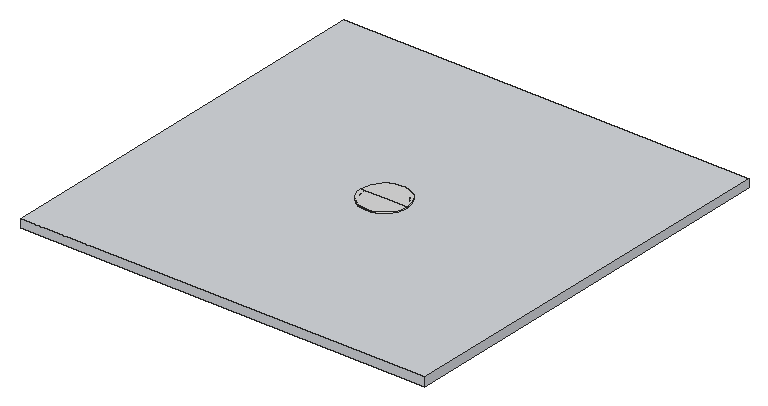
Revit family "Loudspeaker-Ceiling Mounted-Q-SYS-AD-C4T-LPZB-Low Profile", category Communication Devices, host Face, Revit 2021
Family settings
  Host = Face
  Maintain Annotation Orientation = No
  Round Connector Dimension = Use Diameter
  Part Type = Normal
  OmniClass Number = 23.85.10.11.14.14.14
  OmniClass Title = Loudspeakers
  Cut with Voids When Loaded = No
  Shared = No
  Room Calculation Point = No
Parameters (values of type "White")
  Weight = 6.60 lbm
  Part Number = "AD-C4T-LPZB"
  OmniClass Number = "23.85.10.11.14.14.14"
  Length 15 = 5.75"
  Length 11 = 0.57501"
  Length 10 = Length 7 * cos(Taper Angle)  # 0.99863"
  Length 9 = 0.59495"
  Length 8 = 0.76842"
  Length 7 = 1.00"
  Width = Grille Diameter  # 11.03"
  Weight Product = 6.6
  Weight Dimensional = 22.5
  Visibility 3 [instance] = Adjustable Tile Bridge  # no
  Visibility 2 [instance] = 1 > 0  # yes
  URL = "https://www.qsys.com"
  Type Comments = "White"
  Taper Angle = 3.00°
  Sustainability Rating = "n/a"
  Support Width = 25.30"
  Support Offset [instance] = 3.00"
  Support Material = Metal - Q-SYS - Steel
  Support Length = 25.57"
  Support Height [instance] = 1.26"  # constant formula
  Speaker Offset Label [instance] = Speaker Offset  # 0.00"
  Speaker Offset [instance] = 0.00"
  Sensitivity = 87
  SPL Max = 102
  Round Grille [instance] = 1 > 0  # yes
  Regulatory Compliance = "UL1480, UL2043, NFPA90, NFPA70 suitable for use in air handling spaces. Transformer UL registered per UL1876, ROHS, CE compliant. Baffle meets UL94-V0 and UL94-5 VB flamibility rating; in accordance with IEC60849 / EN60849 systems."
  Rail Width = 0.875"
  Product Page URL = "https://www.qsys.com/products/loudspeakers/installed/passive/ceiling-mount/acousticdesign-series/ad-c4t-lpzb/"
  Product Documentation Link = "https://www.qsys.com/resource-files/productresources/spk/ad/ad-c4t-lpzb/q_spk_ad_c4t_lpzb_specsheet.pdf"
  Number of Bands = 1  # constant formula
  Model = "AD-C4T-LPZB"
  Manufacturer URL = "https://www.qsys.com"
  Length 6 [instance] = Support Height  # 1.26"
  Impedance = 16
  IQ Category = "Loudspeaker"
  Height [instance] = Grille Height + Body Height + Clip Height  # 4.20"
  Grille Radius = Grille Diameter / 2  # 5.515"
  Offset = 0.00"
  Manufacturer = "Q-SYS"
  Length 4 = ATB Inside Radius + 0.80"  # 5.80"
  Length 3 [instance] = if(Speaker Offset < 0.00", 40.00" - abs(Speaker Offset Label), 40.00" + Speaker Offset Label)  # 40.00"
  Length 2 = Body Radius * 1.35  # 6.43275"
  Length 1 = Body Diameter / 2 - 0.25"  # 4.515"
  Highlight Material = Fabric - Q-SYS - White Mesh
  Grille Height = 0.20"
  Grille Diameter = 11.03"
  Frequency Range = "70 Hz - 20 kHz"
  Description = "4.5” small format, low profile, zero bezel ceiling mount loudspeaker."
  Default Elevation = 48.00"
  Coverage Vertical = 150.00°
  Coverage Horizontal = 150.00°
  Cover Radius = Grille Radius  # 5.515"
  Cover Material = Paint - Q-SYS - White
  Clip Radius = Clip Diameter / 2  # 0.15"
  Clip Height = 0.40"
  Clip Diameter = 0.30"
  Body Radius = Body Diameter / 2  # 4.765"
  Body Material = Paint - Q-SYS - Black
  Body Height = 3.60"
  Body Diameter = 9.53"
  Assembly Code = "E1020500"
  Adjustable Tile Bridge [instance] = no
  ATB Inside Radius = ATB Inside Diameter / 2  # 5.00"
  ATB Inside Diameter = 10.00"
  70V Taps = "3.75 W, 7.5 W, 15 W, 30 W"
  100V Taps = "7.5 W, 15 W, 30 W"
Reference planes (in)
  plane 1 "Center (Front/Back)": y = 0
  plane 2: z = 0
  plane 3 "Center (Left/Right)": x = 0
  plane 4 "Left": x = -5.515
  plane 5 "Right": x = 5.515
  plane 6 "Front": y = -5.515
  plane 7 "Back": y = 5.515
  plane 8 "Bottom": z = 0.2
  plane 9 "Top": z = -4
  plane 10 "body left": x = -4.765
  plane 11 "body right": x = 4.765
  plane 12 "body front": y = -4.765
  plane 13 "body back": y = 4.765
  plane 14 "plate top": z = 0
  plane 15 "body top": z = -3.6
  plane 16: z = -0.75
  plane 17 "Speaker CL": x = 0
  plane 18 "pivot": x = -40
  plane 19 "support bottom": z = -3
  plane 20 "support top": z = -4.26
  plane 21 "support back": y = 12.65
  plane 22 "support back inside": y = 11.775
  plane 23 "support front": y = -12.65
  plane 24 "support front inside": y = -11.775
  plane 25 "support left": x = -12.785
  plane 26 "support right": x = 12.785
  plane 27: z = -3.1
  plane 28: x = 0
  plane 29 "2d bottom": z = 0.1
  plane 30: z = -3.2
Forms (in)
  Extrusion 1, solid
    sketch origin (0, 0, 0) x (1, 0, 0) y (0, 1, 0)
      loop
        line (-48, 48) -> (-48, -48) -> (48, -48) -> (48, 48) -> (-48, 48)
    from 0 to -2
  Revolve 2, solid, material "Paint - Q-SYS - Black" <- "Body Material", visible <- "Visibility 2", detail levels medium+fine
    sketch origin (0, 0, 0) x (1, 0, 0) y (0, 0, 1)
      loop
        line (0, -3.6) -> (0, 0) -> (-4.765, 0) -> (-4.765, -3.6) -> (0, -3.6)
      axis (0, 0) -> (0, -3.6)
    angle from 0 to 360
  Extrusion 3, solid, material "Paint - Q-SYS - Black" <- "Body Material", visible <- "Visibility 2", detail levels fine
    sketch origin (0, 0, 0) x (1, 0, 0) y (0, 0, 1)
      loop
        arc (-0.15, -3.85) -> (0, -4) -> (0.15, -3.85) r 0.15
        line (0.15, -3.85) -> (0.15, -3.6) -> (-0.15, -3.6) -> (-0.15, -3.85)
    from -3.65882 to -3.775
  Extrusion 4, void
    sketch origin (0, 0, 0) x (1, 0, 0) y (0, 1, 0)
      loop
        line (-6.43275, 3.775) -> (0, -7.36685) -> (6.43275, 3.775) -> (-6.43275, 3.775)
      loop
        circle (0, 0) r 9.53
    from -3.6 to 0
  Extrusion 5, solid, material "Metal - Q-SYS - Steel" <- "Support Material", visible <- "Adjustable Tile Bridge", detail levels medium+fine
    sketch origin (0, 0, 0) x (0, 1, 0) y (0, 0, 1)
      loop
        line (-12.65, -3) -> (-12.65, -4.26) -> (-12.55, -4.26) -> (-12.55, -3.1) -> (-11.775, -3.1) -> (-11.775, -3) -> (-12.65, -3)
      loop
        line (12.65, -3) -> (11.775, -3) -> (11.775, -3.1) -> (12.55, -3.1) -> (12.55, -4.26) -> (12.65, -4.26) -> (12.65, -3)
    from -12.785 to 12.785
  Extrusion 6, solid, material "Metal - Q-SYS - Steel" <- "Support Material", visible <- "Adjustable Tile Bridge", detail levels medium+fine
    sketch origin (0, 0, -3) x (0, 1, 0) y (-1, 0, 0)
      loop
        circle (0, 0) r 5
      loop
        arc (5.71314, 1) -> (0, 5.8) -> (-5.71314, 1) r 5.8
        line (-5.71314, 1) -> (-12.55, 1) -> (-12.55, -1) -> (-5.71314, -1)
        arc (-5.71314, -1) -> (0, -5.8) -> (5.71314, -1) r 5.8
        line (5.71314, -1) -> (12.55, -1) -> (12.55, 1) -> (5.71314, 1)
    from -0.2 to -0.1
  Extrusion 7, solid, material "Metal - Q-SYS - Steel" <- "Support Material", visible <- "Adjustable Tile Bridge", detail levels fine
    sketch origin (0, 0, -3) x (0, 1, 0) y (-1, 0, 0)
      loop
        line (12.55, 1) -> (12.45, 1) -> (12.45, -1) -> (12.55, -1) -> (12.55, 1)
      loop
        line (-12.45, 1) -> (-12.55, 1) -> (-12.55, -1) -> (-12.45, -1) -> (-12.45, 1)
    from -1.26 to -0.2
  Extrusion 8, void
    sketch origin (0, 0, -3) x (0, 1, 0) y (-1, 0, 0)
      loop
        circle (0, 0) r 4.765
    from -1 to 3.2
  Revolve 9, solid, material "Paint - Q-SYS - White" <- "Cover Material", visible <- "Round Grille", detail levels medium+fine
    sketch origin (0, 0, 0) x (1, 0, 0) y (0, 0, 1)
      loop
        line (0, 0.2) -> (-5.515, 0.2) -> (-5.515, 0) -> (0, 0) -> (0, 0.2)
      axis (0, 0.2) -> (0, 0)
    angle from 0 to 360
  Revolve 10, solid, detail levels coarse
    sketch origin (0, 0, 0) x (1, 0, 0) y (0, 0, 1)
      loop
        line (-5.515, 0.2) -> (-5.515, 0) -> (-4.765, 0) -> (-4.765, -4) -> (0, -4) -> (0, 0.2) -> (-5.515, 0.2)
      axis (0, 0.2) -> (0, -4)
    angle from 0 to 360
Cuts and joins
  Extrusion 4 cuts Revolve 2
Lines and regions (in)
  Masking region 1, visible <- "Round Grille", detail levels medium+fine
    outline origin (0, 0, 0.1) x (-1, 0, 0) y (0, -1, 0)
      loop
        circle (0, 0) r 5.515
  Masking region 2, visible <- "Adjustable Tile Bridge", detail levels medium+fine
    outline origin (0, 0, -4.26) x (0, 1, 0) y (-1, 0, 0)
      loop
        arc (5.71314, 1) -> (0, 5.8) -> (-5.71314, 1) r 5.8
        line (-5.71314, 1) -> (-12.55, 1) -> (-12.55, -1) -> (-5.71314, -1)
        arc (-5.71314, -1) -> (0, -5.8) -> (5.71314, -1) r 5.8
        line (5.71314, -1) -> (12.55, -1) -> (12.55, 1) -> (5.71314, 1)
      loop
        circle (0, 0) r 5
  Masking region 3, detail levels medium+fine
    outline origin (0, 0, -3.6) x (-1, 0, 0) y (0, -1, 0)
      loop
        circle (0, 0) r 4.765
  Masking region 4, visible <- "Adjustable Tile Bridge", detail levels medium+fine
    outline origin (0, 0, -3) x (0, 1, 0) y (-1, 0, 0)
      loop
        line (12.65, 12.785) -> (11.775, 12.785) -> (11.775, -12.785) -> (12.65, -12.785) -> (12.65, 12.785)
      loop
        line (-11.775, 12.785) -> (-12.65, 12.785) -> (-12.65, -12.785) -> (-11.775, -12.785) -> (-11.775, 12.785)
  Masking region 5
    outline origin (0, 0, 0) x (1, 0, 0) y (0, 0, 1)
      loop
        line (-5.515, 0.2) -> (-5.515, 0) -> (-4.765, 0) -> (-4.765, -3.6) -> (4.765, -3.6) -> (4.765, 0) -> (5.515, 0) -> (5.515, 0.2) -> (-5.515, 0.2)
  Masking region 6, visible <- "Visibility 2", detail levels fine
    outline origin (0, 0, 0) x (1, 0, 0) y (0, 0, 1)
      loop
        line (0.15, -3.85) -> (0.15, -3.6) -> (-0.15, -3.6) -> (-0.15, -3.85)
        arc (-0.15, -3.85) -> (0, -4) -> (0.15, -3.85) r 0.15
  Masking region 7, visible <- "Visibility 3", detail levels medium+fine
    outline origin (0, 0, 0) x (1, 0, 0) y (0, 0, 1)
      loop
        line (-12.785, -3) -> (-12.785, -4.26) -> (12.785, -4.26) -> (12.785, -3) -> (-12.785, -3)
  Masking region 8
    outline origin (0, 0, 0) x (0, 1, 0) y (0, 0, 1)
      loop
        line (5.515, 0.2) -> (-5.515, 0.2) -> (-5.515, 0) -> (-4.765, 0) -> (-4.765, -3.6) -> (3.775, -3.6) -> (3.775, 0) -> (5.515, 0) -> (5.515, 0.2)
  Masking region 9, visible <- "Adjustable Tile Bridge", detail levels medium+fine
    outline origin (0, 0, 0) x (0, 1, 0) y (0, 0, 1)
      loop
        line (12.65, -3) -> (11.775, -3) -> (11.775, -3.1) -> (-11.775, -3.1) -> (-11.775, -3) -> (-12.65, -3) -> (-12.65, -4.26) -> (-12.45, -4.26) -> (-12.45, -3.2) -> (12.45, -3.2) -> (12.45, -4.26) -> (12.65, -4.26) -> (12.65, -3)
  Masking region 10, visible <- "Visibility 2", detail levels fine
    outline origin (0, 0, 0) x (0, 1, 0) y (0, 0, 1)
      loop
        line (3.65882, -3.6) -> (3.65882, -4) -> (3.775, -4) -> (3.775, -3.6) -> (3.65882, -3.6)
  symbolic lines, style "Outline", visible <- "Round Grille", detail levels medium+fine
    curve 1: circle (0, 0, 0.2) r 5.515 normal (0, 0, 1)
  symbolic lines, style "Support", visible <- "Adjustable Tile Bridge", detail levels medium+fine
    curve 2: line (-12.785, -12.55, -3.6) -> (12.785, -12.55, -3.6)
    curve 3: line (-12.785, 12.55, -3.6) -> (12.785, 12.55, -3.6)
    curve 10: line (-12.785, 0, -3.1) -> (12.785, 0, -3.1)
    curve 13: line (0, 11.775, -3.1) -> (0, 12.55, -3.1)
    curve 14: line (0, 12.55, -3.1) -> (0, 12.55, -4.26)
    curve 15: line (0, -12.55, -4.26) -> (0, -12.55, -3.1)
    curve 16: line (0, -12.55, -3.1) -> (0, -11.775, -3.1)
  symbolic lines, style "Support", visible <- "Adjustable Tile Bridge", detail levels fine
    curve 4: line (-1, 12.45, -3.6) -> (1, 12.45, -3.6)
    curve 5: line (-1, -12.45, -3.6) -> (1, -12.45, -3.6)
  symbolic lines, style "Detail", visible <- "Visibility 2", detail levels fine
    curve 6: line (0.15, 3.775, -4) -> (0.15, 3.65882, -4)
    curve 7: line (0.15, 3.65882, -4) -> (-0.15, 3.65882, -4)
    curve 8: line (-0.15, 3.65882, -4) -> (-0.15, 3.775, -4)
    curve 9: line (-0.15, 3.775, -4) -> (0.15, 3.775, -4)
  symbolic lines, style "Support", visible <- "Adjustable Tile Bridge"
    curve 11: line (0, 5.71314, -3.1) -> (0, 5.71314, -3.2)
    curve 12: line (0, -5.71314, -3.2) -> (0, -5.71314, -3.1)
    curve 22: line (0, 5.815, -3.1) -> (0, 5.815, -3.2)
    curve 23: line (0, -5.815, -3.2) -> (0, -5.815, -3.1)
  symbolic lines, style "Outline", detail levels medium+fine
    curve 17: line (-1.67852, -4.765, 0) -> (-1.67852, -4.765, -3.6)
    curve 18: line (1.67852, -4.765, -3.6) -> (1.67852, -4.765, 0)
    curve 19: line (-2.90768, 4.765, 0) -> (-2.90768, 4.765, -3.6)
    curve 20: line (2.90768, 4.765, -3.6) -> (2.90768, 4.765, 0)
    curve 21: line (0, -4.45958, 0) -> (0, -4.45958, -3.6)
    curve 26: line (-2.90768, 3.775, -4) -> (2.90768, 3.775, -4)
    curve 27: line (-1.67852, -4.45958, -4) -> (-4.70136, 0.77615, -4)
    curve 28: line (4.70136, 0.77615, -4) -> (1.67852, -4.45958, -4)
    curve 29: line (0, 0.77615, 0) -> (0, 0.77615, -3.6)
  symbolic lines, style "Outline"
    curve 24: line (-4.765, 0, 0) -> (4.765, 0, 0)
    curve 25: line (0, 3.775, 0) -> (0, -4.765, 0)
Dimensions and locks (in)
  equal spacing: plane 4 "Left", plane 17 "Speaker CL", plane 5 "Right"
  "Width": plane 4 "Left" to plane 5 "Right"
  equal spacing: plane 7 "Back", plane 1 "Center (Front/Back)", plane 6 "Front"
  "Width": plane 7 "Back" to plane 6 "Front"
  "Height": plane 8 "Bottom" to plane 9 "Top"
  equal spacing: plane 10 "body left", plane 17 "Speaker CL", plane 11 "body right"
  "Body Diameter": plane 10 "body left" to plane 11 "body right"
  equal spacing: plane 13 "body back", plane 1 "Center (Front/Back)", plane 12 "body front"
  "Body Diameter": plane 13 "body back" to plane 12 "body front"
  "Grille Height": plane 8 "Bottom" to plane 14 "plate top"
  "Body Height": plane 14 "plate top" to plane 15 "body top"
  "Clip Radius": Extrusion 3 sketch curve to plane 9 "Top"
  locked: plane 14 "plate top" to plane 16 at 0.75
  "Offset": plane 14 "plate top" to level
  locked: plane 18 "pivot" to plane 3 "Center (Left/Right)" at 40
  "Length 3": plane 18 "pivot" to plane 17 "Speaker CL"
  "Rail Width": plane 21 "support back" to plane 22 "support back inside"
  "Rail Width": plane 23 "support front" to plane 24 "support front inside"
  equal spacing: plane 21 "support back", plane 1 "Center (Front/Back)", plane 23 "support front"
  "Support Width": plane 21 "support back" to plane 23 "support front"
  equal spacing: plane 25 "support left", plane 3 "Center (Left/Right)", plane 26 "support right"
  "Support Length": plane 25 "support left" to plane 26 "support right"
  "Support Height": plane 19 "support bottom" to plane 20 "support top"
  equal spacing: Extrusion 6 sketch curve, plane 17 "Speaker CL", Extrusion 6 sketch curve
  locked: Extrusion 6 sketch curve to plane 17 "Speaker CL" at 1
  locked: Extrusion 7 sketch curve to Extrusion 7 sketch curve at 0.1  (x2)
  locked: Extrusion 7 sketch curve to plane 17 "Speaker CL" at 1
  plane 17 "Speaker CL" to Extrusion 7 sketch curve = 1.00"
  locked: plane 17 "Speaker CL" to Extrusion 7 sketch curve at 1
  "Support Offset": plane 14 "plate top" to plane 19 "support bottom"
  locked: plane 19 "support bottom" to plane 27 at 0.1
  "Cover Radius": Revolve 9 sketch curve to Revolve 9 sketch curve
  locked: plane 8 "Bottom" to plane 29 "2d bottom" at 0.1
  locked: curve 3 to plane 21 "support back" at 0.1
  locked: plane 23 "support front" to curve 2 at 0.1
  locked: curve 4 to Masking region 2 at 0.1
  locked: Masking region 2 to curve 5 at 0.1
  "Cover Radius": plane 17 "Speaker CL" to Masking region 5 sketch curve
  "Cover Radius": Masking region 5 sketch curve to plane 17 "Speaker CL"
  "Length 6": Masking region 7 sketch curve to Masking region 7 sketch curve
  "Cover Radius": plane 1 "Center (Front/Back)" to Masking region 8 sketch curve
  locked: Extrusion 5 sketch curve to Extrusion 5 sketch curve at 0.1  (x4)
  locked: plane 27 to plane 30 at 0.1
  locked: Extrusion 7 sketch curve to plane 21 "support back" at 0.1
  locked: Extrusion 7 sketch curve to plane 23 "support front" at 0.1
  locked: Extrusion 4 sketch curve to plane 13 "body back" at 0.99
  "Length 2": Extrusion 4 sketch curve to plane 17 "Speaker CL"
  "Length 2": plane 17 "Speaker CL" to Extrusion 4 sketch curve
  "Cover Radius": Masking region 8 sketch curve to plane 1 "Center (Front/Back)"
  "Clip Radius": radius of Extrusion 3 sketch curve
  "ATB Inside Radius": radius of Extrusion 6 sketch curve
  "Length 4": radius of Extrusion 6 sketch curve
  "Body Radius": radius of Extrusion 8 sketch curve
  "Grille Radius": radius of Masking region 1 sketch curve
  "Cover Radius": radius of curve 1
  "Body Radius": radius of Masking region 3 sketch curve
  "Body Diameter": radius of Extrusion 4 sketch curve
  locked: Extrusion 4 sketch curve to Extrusion 4 sketch curve (angle 60.00°)  (x2)
  aligned and locked: plane 2 to Extrusion 1
  aligned and locked: level to Extrusion 1
  aligned and locked: plane 15 "body top" to Revolve 2 sketch curve
  aligned and locked: plane 15 "body top" to Extrusion 3 sketch curve
  aligned and locked: Extrusion 4 to plane 15 "body top"
  aligned and locked: Revolve 2 sketch curve to plane 17 "Speaker CL"
  aligned and locked: plane 17 "Speaker CL" to Extrusion 3 sketch curve
  aligned and locked: Extrusion 5 to plane 25 "support left"
  aligned and locked: plane 26 "support right" to Extrusion 5
  aligned and locked: plane 17 "Speaker CL" to Extrusion 6 sketch curve  (x2)
  aligned and locked: plane 1 "Center (Front/Back)" to Extrusion 6 sketch curve  (x2)
  aligned and locked: Extrusion 6 sketch curve to Extrusion 6 sketch curve  (x3)
  aligned and locked: plane 27 to Extrusion 6
  aligned and locked: Extrusion 7 sketch curve to Extrusion 7 sketch curve
  aligned and locked: Extrusion 7 to plane 20 "support top"
  aligned and locked: plane 17 "Speaker CL" to Extrusion 8 sketch curve
  aligned and locked: plane 1 "Center (Front/Back)" to Extrusion 8 sketch curve
  aligned and locked: Extrusion 8 to plane 9 "Top"
  aligned and locked: plane 8 "Bottom" to Extrusion 8
  aligned and locked: Revolve 2 sketch curve to Revolve 2 sketch curve
  aligned and locked: plane 10 "body left" to Revolve 2 sketch curve
  aligned and locked: Revolve 9 sketch curve to plane 17 "Speaker CL"
  aligned and locked: plane 8 "Bottom" to Revolve 9 sketch curve
  aligned and locked: plane 14 "plate top" to Revolve 9 sketch curve
  aligned and locked: Revolve 9 sketch curve to Revolve 9 sketch curve
  aligned and locked: plane 4 "Left" to Revolve 9 sketch curve
  aligned and locked: plane 17 "Speaker CL" to plane 28
  aligned and locked: plane 17 "Speaker CL" to Masking region 1 sketch curve
  aligned and locked: plane 1 "Center (Front/Back)" to Masking region 1 sketch curve
  aligned and locked: plane 17 "Speaker CL" to curve 1
  aligned and locked: plane 1 "Center (Front/Back)" to curve 1
  aligned and locked: Masking region 2 sketch curve to Extrusion 6  (x7)
  aligned and locked: Extrusion 6 to Masking region 2 sketch curve  (x2)
  aligned and locked: plane 17 "Speaker CL" to Masking region 3 sketch curve
  aligned and locked: plane 1 "Center (Front/Back)" to Masking region 3 sketch curve
  aligned and locked: plane 25 "support left" to curve 3
  aligned and locked: plane 25 "support left" to curve 2
  aligned and locked: plane 26 "support right" to curve 3
  aligned and locked: plane 26 "support right" to curve 2
  aligned and locked: Masking region 2 to curve 4
  aligned and locked: Masking region 2 to curve 5  (x2)
  aligned and locked: Masking region 4 sketch curve to Extrusion 5  (x4)
  aligned and locked: Extrusion 3 to curve 6
  aligned and locked: curve 7 to Extrusion 3
  aligned and locked: Extrusion 3 to curve 8
  aligned and locked: curve 9 to Extrusion 3
  aligned and locked: Masking region 5 sketch curve to plane 8 "Bottom"
  aligned and locked: plane 5 "Right" to Masking region 5 sketch curve
  aligned and locked: plane 4 "Left" to Masking region 5 sketch curve
  aligned and locked: plane 14 "plate top" to Masking region 5 sketch curve
  aligned and locked: Masking region 5 sketch curve to plane 14 "plate top"
  aligned and locked: plane 10 "body left" to Masking region 5 sketch curve
  aligned and locked: plane 11 "body right" to Masking region 5 sketch curve
  aligned and locked: Masking region 5 sketch curve to plane 15 "body top"
  aligned and locked: Masking region 6 sketch curve to Extrusion 3  (x3)
  aligned and locked: Masking region 7 sketch curve to plane 19 "support bottom"
  aligned and locked: plane 25 "support left" to Masking region 7 sketch curve
  aligned and locked: Masking region 7 sketch curve to plane 26 "support right"
  aligned and locked: Masking region 8 sketch curve to plane 8 "Bottom"
  aligned and locked: plane 14 "plate top" to Masking region 8 sketch curve
  aligned and locked: Masking region 8 sketch curve to plane 14 "plate top"
  aligned and locked: plane 12 "body front" to Masking region 8 sketch curve
  aligned and locked: plane 6 "Front" to Masking region 8 sketch curve
  aligned and locked: plane 7 "Back" to Masking region 8 sketch curve
  aligned and locked: Masking region 8 sketch curve to plane 15 "body top"
  aligned and locked: plane 19 "support bottom" to Masking region 9 sketch curve
  aligned and locked: plane 21 "support back" to Masking region 9 sketch curve
  aligned and locked: Masking region 9 sketch curve to plane 20 "support top"
  aligned and locked: plane 20 "support top" to Masking region 9 sketch curve
  aligned and locked: plane 23 "support front" to Masking region 9 sketch curve
  aligned and locked: Extrusion 6 to curve 11
  aligned and locked: Extrusion 6 to curve 12
  aligned and locked: Masking region 10 sketch curve to Extrusion 3  (x2)
  aligned and locked: plane 9 "Top" to Masking region 10 sketch curve
  aligned and locked: Masking region 10 sketch curve to plane 15 "body top"
  aligned and locked: plane 3 "Center (Left/Right)" to nested 1
  aligned and locked: plane 19 "support bottom" to Extrusion 5 sketch curve
  aligned and locked: plane 21 "support back" to Extrusion 5 sketch curve
  aligned and locked: Extrusion 5 sketch curve to plane 22 "support back inside"
  aligned and locked: plane 23 "support front" to Extrusion 5 sketch curve
  aligned and locked: Extrusion 5 sketch curve to plane 24 "support front inside"
  aligned and locked: Extrusion 6 to plane 30
  aligned and locked: plane 30 to Extrusion 7
  aligned and locked: Extrusion 6 sketch curve to Extrusion 7  (x2)
  aligned and locked: Masking region 9 sketch curve to Extrusion 7  (x2)
  aligned and locked: Masking region 9 sketch curve to plane 30
  aligned and locked: plane 27 to Masking region 9 sketch curve
  aligned and locked: Masking region 9 sketch curve to plane 24 "support front inside"
  aligned and locked: Masking region 9 sketch curve to plane 19 "support bottom"
  aligned and locked: plane 22 "support back inside" to Masking region 9 sketch curve
  aligned and locked: curve 13 to Extrusion 5
  aligned and locked: curve 14 to Extrusion 5
  aligned and locked: curve 15 to Extrusion 5
  aligned and locked: curve 16 to Extrusion 5
  aligned and locked: level to Extrusion 4
  aligned and locked: Extrusion 6 to curve 4
  aligned and locked: Revolve 10 sketch curve to plane 17 "Speaker CL"
  aligned and locked: Revolve 10 sketch curve to Masking region 5  (x2)
  aligned and locked: plane 9 "Top" to Revolve 10 sketch curve
  aligned and locked: Revolve 10 sketch curve to Revolve 10 sketch curve
  aligned and locked: plane 17 "Speaker CL" to Extrusion 4 sketch curve
  aligned and locked: plane 1 "Center (Front/Back)" to Extrusion 4 sketch curve
  aligned and locked: Masking region 5 to curve 24  (x2)
  aligned and locked: curve 24 to Masking region 5
  aligned and locked: Masking region 8 to curve 25  (x2)
  aligned and locked: curve 25 to Masking region 8
  aligned and locked: Extrusion 3 to cut or joined group of Revolve 2, Extrusion 4
  aligned and locked: curve 26 to cut or joined group of Revolve 2, Extrusion 4
  aligned and locked: curve 27 to cut or joined group of Revolve 2, Extrusion 4
  aligned and locked: cut or joined group of Revolve 2, Extrusion 4 to curve 28
  aligned and locked: curve 19 to cut or joined group of Revolve 2, Extrusion 4
  aligned and locked: curve 17 to cut or joined group of Revolve 2, Extrusion 4
  aligned and locked: curve 18 to cut or joined group of Revolve 2, Extrusion 4
  aligned and locked: curve 20 to cut or joined group of Revolve 2, Extrusion 4
  aligned and locked: curve 21 to cut or joined group of Revolve 2, Extrusion 4
  aligned and locked: Masking region 8 sketch curve to cut or joined group of Revolve 2, Extrusion 4
Automatic sketch dimensions
  Extrusion 1 sketch curve to Extrusion 1 sketch curve = 96.00"  (x2)
  curve 10 to plane 25 "support left" = 0.00"
  curve 10 to plane 26 "support right" = 0.00"
  curve 10 to plane 27 = 0.00"
  Revolve 2 sketch curve to level = 0.00"
  Revolve 2 sketch curve to plane 20 "support top" = 1.6426"
  plane 8 "Bottom" to Revolve 2 sketch curve = 6.0474"
  Extrusion 5 sketch curve to plane 20 "support top" = 0.00"
  plane 20 "support top" to Extrusion 5 sketch curve = 0.00"
  Extrusion 5 sketch curve to plane 27 = 0.00"
  plane 19 "support bottom" to Revolve 9 sketch curve = 1.12199"
  Revolve 9 sketch curve to Revolve 9 sketch curve = 4.13199"
  plane 23 "support front" to Masking region 4 sketch curve = 0.00"
  plane 24 "support front inside" to Masking region 4 sketch curve = 0.00"
  Masking region 4 sketch curve to plane 22 "support back inside" = 0.00"
  Masking region 4 sketch curve to plane 21 "support back" = 0.00"
  plane 12 "body front" to curve 28 = 0.30542"
  curve 26 to plane 11 "body right" = 1.85732"
  curve 28 to plane 11 "body right" = 0.06364"
  plane 12 "body front" to curve 27 = 0.30542"
  plane 10 "body left" to curve 26 = 1.85732"
  plane 10 "body left" to curve 27 = 0.06364"
  curve 16 to plane 24 "support front inside" = 0.00"
  curve 23 to plane 30 = 0.00"
  curve 23 to plane 27 = 0.00"
  curve 29 to plane 15 "body top" = 0.00"
  curve 22 to plane 30 = 0.00"
  curve 22 to plane 27 = 0.00"
  curve 13 to plane 22 "support back inside" = 0.00"
  plane 20 "support top" to curve 14 = 0.00"
  curve 15 to plane 20 "support top" = 0.00"
  curve 21 to plane 15 "body top" = 0.00"
  curve 11 to plane 30 = 0.00"
  curve 12 to plane 30 = 0.00"
  curve 12 to plane 27 = 0.00"
  curve 11 to plane 27 = 0.00"
  curve 23 to curve 12 = 0.10186"
  curve 29 to plane 1 "Center (Front/Back)" = 0.77615"
  curve 11 to curve 22 = 0.10186"
  Revolve 10 sketch curve to level = 0.00"
  Revolve 10 sketch curve to plane 8 "Bottom" = 0.00"
  Revolve 10 sketch curve to plane 20 "support top" = 2.28544"
  plane 8 "Bottom" to Revolve 10 sketch curve = 5.65456"
  curve 17 to plane 15 "body top" = 0.00"
  curve 18 to plane 15 "body top" = 0.00"
  curve 18 to level = 0.00"
  curve 17 to level = 0.00"
  curve 19 to plane 15 "body top" = 0.00"
  curve 20 to plane 15 "body top" = 0.00"
  curve 20 to level = 0.00"
  curve 19 to level = 0.00"
Nested families (in)
  nested 1: "Speaker_Symbol_Face_Based" at (0, 0, 0), type "Speaker Symbol", detail levels coarse
    with Wall Mounted no, Vertical Offset 0, Length 2 100.00", Length 1 100.00", Horizontal Offset 0
Connectors (in)
  cabletrayconduit at (0, 1.30033, -3.6), diameter 0.88
    settings: on cut or joined group of Revolve 2, Extrusion 4, index 1, connector width 12.00", connector height 12.00", connector angle 0.00°, system type 32, placement type 0, profile type 0, connector reference index -1, is primary connector yes, connector utility param no, connector description "Power Conduit"
Definition of nested family "Speaker_Symbol_Face_Based"
  Parameters (values of type "Speaker_Symbol_Face_Based")
    Wall Mounted [instance] = no
    Vertical Offset [instance] = 0
    Length 2 [instance] = (Vertical Offset * Generic Symbol Height) + 100.00"  # 100.00"
    Length 1 [instance] = (Horizontal Offset * Generic Symbol Width) + 100.00"  # 100.00"
    Horizontal Offset [instance] = 0
    Generic Symbol Width = 0.3937"
    Generic Symbol Height = 0.3937"
    Default Elevation = 48.00"
  Reference planes (in)
    plane 1 "Center (Front/Back)": y = 0
    plane 2: z = 0
    plane 3 "Center (Left/Right)": x = 0
    plane 4 "pivot x": x = -100
    plane 5 "symbol x cl": x = 0
    plane 6 "pivot y": y = -100
    plane 7 "symbol y cl": y = 0
  Forms (in)
    Extrusion 1, solid
      sketch origin (0, 0, 0) x (1, 0, 0) y (0, 1, 0)
        loop
          line (-48, 48) -> (-48, -48) -> (48, -48) -> (48, 48) -> (-48, 48)
      from 0 to -12
  Dimensions and locks (in)
    locked: plane 4 "pivot x" to plane 3 "Center (Left/Right)" at 100
    "Length 1": plane 4 "pivot x" to plane 5 "symbol x cl"
    locked: plane 1 "Center (Front/Back)" to plane 6 "pivot y" at 100
    "Length 2": plane 7 "symbol y cl" to plane 6 "pivot y"
    aligned and locked: plane 2 to Extrusion 1
    aligned and locked: level to Extrusion 1
    aligned and locked: plane 5 "symbol x cl" to nested 1
    aligned and locked: nested 1 to plane 7 "symbol y cl"
  Automatic sketch dimensions
    Extrusion 1 sketch curve to Extrusion 1 sketch curve = 96.00"  (x2)
  Nested families (in)
    nested 1: "Speaker_Symbol" at (0, 0, 0), Wall Mounted <- "Wall Mounted", type "S"
      with Wall Mounted no, Not Wall Mounted yes, Length 1 0.00"
  Definition of nested family "Speaker_Symbol"
    Parameters (values of type "S")
      Wall Mounted [instance] = yes
      Symbol Text = "S"
      Symbol Radius = 0.19685"
      Not Wall Mounted [instance] = not(Wall Mounted)  # no
      Length 1 [instance] = if(Wall Mounted, 0.25", 0.00")  # 0.25"
    Reference planes (in)
      plane 1: y = 0
      plane 2: x = 0
    Lines and regions (in)
      Masking region 1
        outline origin (0, 0, 0) x (1, 0, 0) y (0, 1, 0)
          loop
            circle (0, 0.25) r 0.19685
      detail lines, visible <- "Wall Mounted"
        curve 1: line (-0.125, 0, 0) -> (0.125, 0, 0)
        curve 2: line (0, 0, 0) -> (0, 0.0625, 0)
    Text (in)
      label "S" at (0.00112, 0.31502, 0), shows "Symbol Text", visible <- "Wall Mounted"
      label "S" at (0.00112, 0.07558, 0), shows "Symbol Text", visible <- "Not Wall Mounted"
    Dimensions and locks (in)
      "Length 1": plane 1 to Masking region 1 sketch curve
      "Symbol Radius": radius of Masking region 1 sketch curve
      aligned and locked: plane 2 to Masking region 1 sketch curve
      aligned and locked: curve 1 to curve 2
      aligned and locked: curve 2 to plane 2
      aligned and locked: plane 1 to curve 1
    Automatic sketch dimensions
      curve 1 to plane 2 = 0.125"
      plane 2 to curve 1 = 0.125"
      curve 2 to curve 2 = 0.0625"
